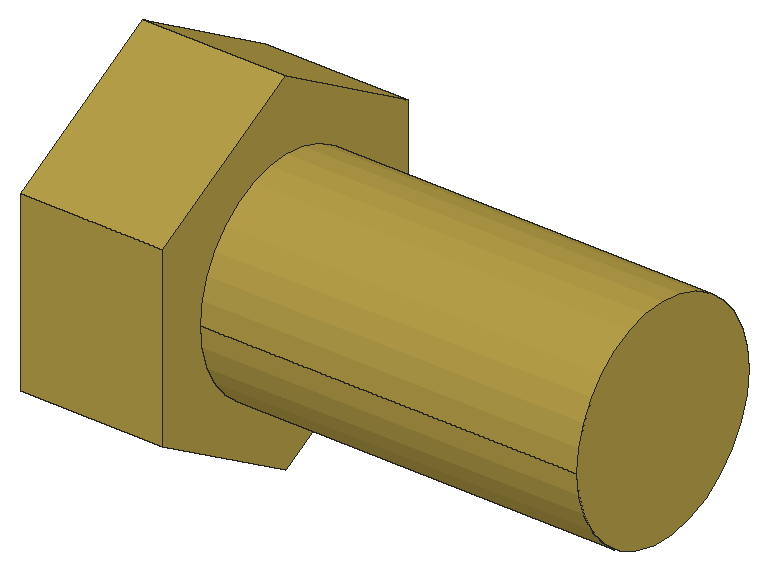
Revit family "Комплект монтажных частей (2 накидные гайки+прокладки)", category Арматура трубопроводов, Revit 2020
Family settings
  Размер круглого соединителя = Использовать диаметр
  Тип детали = Клапан - Вставляется
  На основе рабочей плоскости = Нет
  Всегда вертикально = Да
  При загрузке вырезать с полостями = Нет
  Общий = Нет
Parameters
  Отметка по умолчанию = 0 mm
  Изготовитель = "Weser"  # constant formula
  URL = "https://www.weser.ru/about/documentation/"
  L = 51 mm
  ADSK_Расход жидкости [instance] = 1.5 m³/h
  ADSK_Потеря давления жидкости [instance] = 25.0 kPa
  ADSK_Позиция [instance] = ""
  ADSK_Обозначение [instance] = ""
  ADSK_Наименование [instance] = "Комплект монтажных частей (2 накидные гайки+прокладки)"  # constant formula
  ADSK_Материал = Латунь
  ADSK_Масса_Текст [instance] = ""
  ADSK_Масса [instance] = 0
  ADSK_Количество = 1  # constant formula
  ADSK_Код изделия [instance] = "WHM152"  # constant formula
  ADSK_Завод-изготовитель = Изготовитель  # "Weser"
  ADSK_Единица измерения = "шт"  # constant formula
  ADSK_URL документации изделия = ""
Reference planes
  plane 1 "По центру (Вперед/Назад)": y = 0
  plane 2: z = 0
  plane 3 "По центру (Влево/Вправо)": x = 0
  plane 4: x = -25.5
  plane 5: x = 25.5
  plane 6: x = -11.5
  plane 7: x = 11.5
  plane 8: x = -14.898
Forms (mm)
  Extrusion 1, solid, material "Латунь" <- "ADSK_Материал", detail levels fine
    sketch origin (0, 0, 0) x (0, 1, 0) y (0, 0, 1)
      loop
        line (-15, -8.66) -> (0, -17.321) -> (15, -8.66) -> (15, 8.66) -> (0, 17.321) -> (-15, 8.66) -> (-15, -8.66)
    from -25.5 to -11.5
  Extrusion 2, solid, material "Латунь" <- "ADSK_Материал", detail levels fine
    sketch origin (0, 0, 0) x (0, 1, 0) y (0, 0, 1)
      loop
        circle (0, 0) r 10.5
    from -11.5 to 25.5
Lines and regions (mm)
  model lines, detail levels coarse+medium
    curve 1: line (-25.5, 0, 0) -> (25.5, 0, 0)
Dimensions and locks
  equal spacing: plane 4, plane 3 "По центру (Влево/Вправо)", plane 5
  "L": plane 4 to plane 5
  plane 4 to plane 6 = 14 mm
  locked: plane 4 to plane 7 at 37
  locked: plane 8 to plane 6 at 3.398
  aligned and locked: level to plane 2
  aligned and locked: Extrusion 1 to plane 4
  aligned and locked: plane 6 to Extrusion 1
  aligned and locked: Extrusion 2 to plane 6
  aligned and locked: Extrusion 2 to plane 5
Automatic sketch dimensions
  Extrusion 1 sketch curve to plane 1 "По центру (Вперед/Назад)" = 0 mm  (x2)
  plane 1 "По центру (Вперед/Назад)" to Extrusion 1 sketch curve = 15 mm
  Extrusion 1 sketch curve to plane 1 "По центру (Вперед/Назад)" = 15 mm
  Extrusion 1 sketch curve to level = 17.321 mm
  Extrusion 1 sketch curve to level = 8.66 mm  (x2)
  level to Extrusion 1 sketch curve = 8.66 mm  (x2)
  Extrusion 1 sketch curve to Extrusion 1 sketch curve = 8.66 mm
  Extrusion 2 sketch curve to level = 0 mm
  Extrusion 2 sketch curve to plane 1 "По центру (Вперед/Назад)" = 0 mm
  plane 1 "По центру (Вперед/Назад)" to curve 1 = 0 mm
  curve 1 to plane 4 = 0 mm
  curve 1 to plane 5 = 0 mm
  radius of Extrusion 2 sketch curve = 10.5 mm
Connectors
  piping at (-25.5, 0, 0), diameter 15
    settings: on Extrusion 1, index 1, connector inside diameter 609.6 mm, connector length 0 mm, flow factor 0, pipe flow 0.0 m³/h, pressure drop 0.0 kPa, fitting loss kfactor 0, connector angle 0.00°, fixture units 0, engagement length 0 mm, angle of deflection 0.00°, flow configuration 0, flow direction 0, fitting loss method 0, system type 28, joint type 0, gender type 0, connector reference index -1, connector utility 0, adjustable connector no, is connector primary yes, connector description ""
  piping at (25.5, 0, 0), diameter 15
    settings: on Extrusion 2, index 2, connector inside diameter 609.6 mm, connector length 0 mm, flow factor 0, pipe flow 0.0 m³/h, pressure drop 0.0 kPa, fitting loss kfactor 0, connector angle 0.00°, fixture units 0, engagement length 0 mm, angle of deflection 0.00°, flow configuration 0, flow direction 0, fitting loss method 0, system type 28, joint type 0, gender type 0, connector reference index -1, connector utility 0, adjustable connector no, is connector primary no, connector description ""
